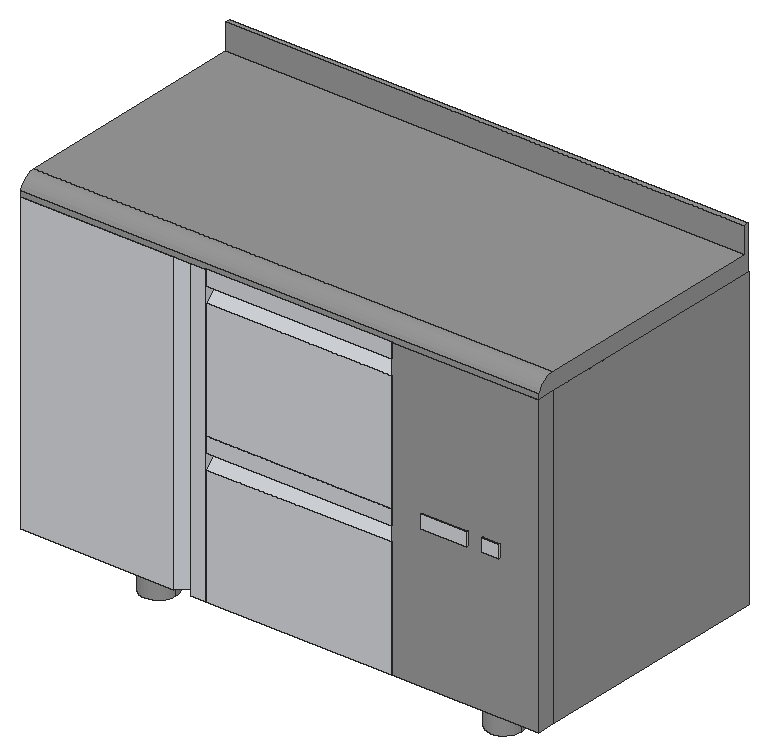
Revit family "Холодильные столы среднетемпературные", category Оборудование, Revit 2020
Family settings
  Размер круглого соединителя = Использовать диаметр
  Классификация = Нет
  Тип детали = Нормальный
  На основе рабочей плоскости = Нет
  Всегда вертикально = Да
  При загрузке вырезать с полостями = Нет
  Общий = Нет
  Точка расчета площади = Нет
Parameters (values of type "TM2-20-G")
  Шкаф выдв.двойной - 2 = no
  Шкаф выдв. тройной - 2 = no
  Шкаф выдв. тройной - 1 = no
  Шкаф выдв. двойной - 1 = yes
  Ширина = 1200 mm
  Число дверей = 2
  Цена, руб = "71 808"
  Холодильный стол = нержавеющая сталь
  Хладаген = "R134a"
  Условия окр. среды (темп/влажн) = "до +43/до 80"
  Тип охлаждения = "динамический"
  Тип оттайки = "авт. с системой исп. конденсата"
  Терморегулятор = "эл. блок"
  Температура окр. среды = "+12.....-43"
  Таблица поиска = "ТМ"
  Столешница квадр. = no
  Столешница закругл. = yes
  Степень защиты = "IP24"
  Размеры в упоковке, мм = "1310х715х1045"
  Отметка по умолчанию = 0 mm
  Объем, л = "270"
  Нижняя панель упр. = no
  Нижнее распол. Дверь -2 = no
  Нижнее распол Дверь -1 = no
  Напряжение питания = "230.00 В"
  Количество дверей = "2"
  Диап. рабочих темп. = "-2....+10"
  Дверь GC = no
  Дверь G-4 = no
  Дверь G-3 = no
  Дверь G-2 = yes
  Дверь G - 1 = no
  Двери 012-GC = no
  Глубина = 605 mm
  Габаритные размеры, мм = "1200х605х850/910"
  Высота = 850 mm
  Вес нетто/брутто, кг = "130/145"
  Боковая панель упр. = yes
Reference planes
  plane 1 "По центру (Вперед/Назад)": y = 0
  plane 2: z = 0
  plane 3 "По центру (Влево/Вправо)": x = 0
  plane 4: z = 850
  plane 5: y = -605
  plane 6: z = 910
  plane 7: z = 810
  plane 8: z = 120
  plane 9: y = -10
  plane 10: x = -600
  plane 11: x = 600
  plane 12: x = 260
  plane 13: y = -565
  plane 14: z = 465
  plane 15: x = 400
  plane 16: x = -400
  plane 17: y = -150
  plane 18: y = -455
  plane 19: x = -170
  plane 20: x = 260
  plane 21: x = -170
  plane 22: z = 350
  plane 23: z = 580
Forms (mm)
  Extrusion 1, solid, material "нержавеющая сталь" <- "Холодильный стол"
    sketch origin (0, 0, 0) x (0, 1, 0) y (0, 0, 1)
      loop
        line (0, 810) -> (-565, 810) -> (-565, 120) -> (0, 120) -> (0, 810)
    from -600 to 600
  Extrusion 2, solid, material "нержавеющая сталь" <- "Холодильный стол", visible <- "Боковая панель упр."
    sketch origin (0, 0, 0) x (1, 0, 0) y (0, 0, 1)
      loop
        line (260, 810) -> (260, 120) -> (600, 120) -> (600, 810) -> (260, 810)
    from 565 to 605
  Extrusion 3, solid, material "нержавеющая сталь" <- "Холодильный стол", visible <- "Дверь GC"
    sketch origin (0, 0, 0) x (1, 0, 0) y (0, 0, 1)
      loop
        line (260, 120) -> (260, 810) -> (-170, 810) -> (-170, 120) -> (260, 120)
    from 565 to 605
  Extrusion 4, solid, material "нержавеющая сталь" <- "Холодильный стол", visible <- "Дверь GC"
    sketch origin (-430, 0, 0) x (1, 0, 0) y (0, 0, 1)
      loop
        line (260, 120) -> (260, 810) -> (-170, 810) -> (-170, 120) -> (260, 120)
    from 565 to 605
  Extrusion 5, solid, material "нержавеющая сталь" <- "Холодильный стол"
    sketch origin (0, 0, 0) x (1, 0, 0) y (0, 1, 0)
      loop
        circle (-400, -150) r 40
    from 0 to 120
  Extrusion 6, solid, material "нержавеющая сталь" <- "Холодильный стол"
    sketch origin (0, 0, 0) x (1, 0, 0) y (0, 1, 0)
      loop
        circle (400, -150) r 40
    from 0 to 120
  Extrusion 7, solid, material "нержавеющая сталь" <- "Холодильный стол"
    sketch origin (0, 0, 0) x (1, 0, 0) y (0, 1, 0)
      loop
        circle (-400, -455) r 40
    from 0 to 120
  Extrusion 8, solid, material "нержавеющая сталь" <- "Холодильный стол"
    sketch origin (0, 0, 0) x (1, 0, 0) y (0, 1, 0)
      loop
        circle (400, -455) r 40
    from 0 to 120
  Extrusion 9, solid, visible <- "Боковая панель упр.", detail levels medium+fine
    sketch origin (2.568, 0, 10.164) x (1, 0, 0) y (0, 0, 1)
      loop
        line (467.432, 469.836) -> (467.432, 439.836) -> (507.432, 439.836) -> (507.432, 469.836) -> (467.432, 469.836)
    from 605 to 609.018
  Extrusion 10, solid, visible <- "Боковая панель упр.", detail levels medium+fine
    sketch origin (-107.632, 0, 15.164) x (1, 0, 0) y (0, 0, 1)
      loop
        line (437.632, 464.836) -> (437.632, 434.836) -> (542.632, 434.836) -> (542.632, 464.836) -> (437.632, 464.836)
    from 605 to 609.018
  Extrusion 11, void
    sketch origin (0, 0, 0) x (0, 1, 0) y (0, 0, 1)
      loop
        line (-605, 683.028) -> (-572.75, 731.403) -> (-572.75, 743.028) -> (-605, 743.028) -> (-605, 683.028)
    from -100.421 to 190.143
  Extrusion 12, void
    sketch origin (-430, 0, 0) x (0, 1, 0) y (0, 0, 1)
      loop
        line (-605, 683.028) -> (-572.75, 731.403) -> (-572.75, 743.028) -> (-605, 743.028) -> (-605, 683.028)
    from -100.421 to 190.143
  Extrusion 13, solid, material "нержавеющая сталь" <- "Холодильный стол", visible <- "Столешница квадр."
    sketch origin (0, 0, 0) x (0, 1, 0) y (0, 0, 1)
      loop
        line (-605, 810) -> (0, 810) -> (0, 910) -> (-10, 910) -> (-10, 850) -> (-605, 850) -> (-605, 810)
    from -600 to 600
  Extrusion 14, solid, visible <- "Дверь G - 1"
    sketch origin (430, 0, 0) x (1, 0, 0) y (0, 1, 0)
      loop
        line (-170, -565) -> (-600, -565) -> (-600, -605) -> (-564.749, -605) -> (-564.749, -595.251) -> (-584.749, -595.251) -> (-584.749, -580.251) -> (-549.749, -580.251) -> (-525, -605) -> (-170, -605) -> (-170, -565)
    from 120 to 810
  Extrusion 15, solid, material "нержавеющая сталь" <- "Холодильный стол", visible <- "Столешница закругл."
    sketch origin (0, 0, 0) x (0, 1, 0) y (0, 0, 1)
      loop
        line (-605, 810) -> (0, 810) -> (0, 910) -> (-10, 910) -> (-10, 850) -> (-565, 850)
        arc (-565, 850) -> (-589.273, 842.099) -> (-605, 821.992) r 43.733
        line (-605, 821.992) -> (-605, 810)
    from -600 to 600
  Extrusion 16, solid, visible <- "Дверь G-2"
    sketch origin (90, 0, 0) x (-1, 0, 0) y (0, -1, 0)
      loop
        line (690, 565) -> (690, 605) -> (335, 605) -> (310.251, 580.251) -> (275.251, 580.251) -> (275.251, 595.251) -> (295.251, 595.251) -> (295.251, 605) -> (260, 605) -> (260, 565) -> (690, 565)
    from 120 to 810
  Extrusion 17, solid, visible <- "Дверь G-4"
    sketch origin (-770, 0, 0) x (-1, 0, 0) y (0, -1, 0)
      loop
        line (-170, 565) -> (-170, 605) -> (-525, 605) -> (-549.749, 580.251) -> (-584.749, 580.251) -> (-584.749, 595.251) -> (-564.749, 595.251) -> (-564.749, 605) -> (-600, 605) -> (-600, 565) -> (-170, 565)
    from 120 to 810
  Extrusion 18, solid, visible <- "Дверь G-3"
    sketch origin (-430, 0, 0) x (1, 0, 0) y (0, 1, 0)
      loop
        line (690, -565) -> (260, -565) -> (260, -605) -> (295.251, -605) -> (295.251, -595.251) -> (275.251, -595.251) -> (275.251, -580.251) -> (310.251, -580.251) -> (335, -605) -> (690, -605) -> (690, -565)
    from 120 to 810
  Extrusion 19, solid, visible <- "Шкаф выдв. двойной - 1"
    sketch origin (0, 0, 0) x (0, 1, 0) y (0, 0, 1)
      loop
        line (-605, 465) -> (-565, 465) -> (-565, 810) -> (-605, 810) -> (-605, 775) -> (-590, 775) -> (-590, 795) -> (-580.251, 795) -> (-580.251, 765) -> (-605, 740.251) -> (-605, 465)
    from -170 to 260
  Extrusion 20, solid, visible <- "Шкаф выдв. двойной - 1"
    sketch origin (0, 0, -345) x (0, 1, 0) y (0, 0, 1)
      loop
        line (-605, 465) -> (-565, 465) -> (-565, 810) -> (-605, 810) -> (-605, 775) -> (-590, 775) -> (-590, 795) -> (-580.251, 795) -> (-580.251, 765) -> (-605, 740.251) -> (-605, 465)
    from -170 to 260
  Extrusion 21, solid, visible <- "Шкаф выдв.двойной - 2"
    sketch origin (-950, 0, 0) x (0, 1, 0) y (0, 0, 1)
      loop
        line (-605, 465) -> (-565, 465) -> (-565, 810) -> (-605, 810) -> (-605, 775) -> (-590, 775) -> (-590, 795) -> (-580.251, 795) -> (-580.251, 765) -> (-605, 740.251) -> (-605, 465)
    from 350 to 780
  Extrusion 22, solid, visible <- "Шкаф выдв.двойной - 2"
    sketch origin (-950, 0, -345) x (0, 1, 0) y (0, 0, 1)
      loop
        line (-605, 465) -> (-565, 465) -> (-565, 810) -> (-605, 810) -> (-605, 775) -> (-590, 775) -> (-590, 795) -> (-580.251, 795) -> (-580.251, 765) -> (-605, 740.251) -> (-605, 465)
    from 350 to 780
  Extrusion 23, solid, visible <- "Шкаф выдв.двойной - 2"
    sketch origin (-420, 0, 0) x (0, 1, 0) y (0, 0, 1)
      loop
        line (-605, 465) -> (-565, 465) -> (-565, 810) -> (-605, 810) -> (-605, 775) -> (-590, 775) -> (-590, 795) -> (-580.251, 795) -> (-580.251, 765) -> (-605, 740.251) -> (-605, 465)
    from 250 to 680
  Extrusion 24, solid, visible <- "Шкаф выдв.двойной - 2"
    sketch origin (-420, 0, -345) x (0, 1, 0) y (0, 0, 1)
      loop
        line (-605, 465) -> (-565, 465) -> (-565, 810) -> (-605, 810) -> (-605, 775) -> (-590, 775) -> (-590, 795) -> (-580.251, 795) -> (-580.251, 765) -> (-605, 740.251) -> (-605, 465)
    from 250 to 680
  Extrusion 25, solid, visible <- "Шкаф выдв. тройной - 1"
    sketch origin (-420, 0, 0) x (0, 1, 0) y (0, 0, 1)
      loop
        line (-605, 580) -> (-565, 580) -> (-565, 810) -> (-605, 810) -> (-605, 775) -> (-590, 775) -> (-590, 795) -> (-580.251, 795) -> (-580.251, 765) -> (-605, 740.251) -> (-605, 580)
    from 250 to 680
  Extrusion 26, solid, visible <- "Шкаф выдв. тройной - 1"
    sketch origin (-420, 0, -230) x (0, 1, 0) y (0, 0, 1)
      loop
        line (-605, 580) -> (-565, 580) -> (-565, 810) -> (-605, 810) -> (-605, 775) -> (-590, 775) -> (-590, 795) -> (-580.251, 795) -> (-580.251, 765) -> (-605, 740.251) -> (-605, 580)
    from 250 to 680
  Extrusion 27, solid, visible <- "Шкаф выдв. тройной - 1"
    sketch origin (-420, 0, -460) x (0, 1, 0) y (0, 0, 1)
      loop
        line (-605, 580) -> (-565, 580) -> (-565, 810) -> (-605, 810) -> (-605, 775) -> (-590, 775) -> (-590, 795) -> (-580.251, 795) -> (-580.251, 765) -> (-605, 740.251) -> (-605, 580)
    from 250 to 680
  Extrusion 28, solid, visible <- "Шкаф выдв. тройной - 2"
    sketch origin (-850, 0, 0) x (0, 1, 0) y (0, 0, 1)
      loop
        line (-605, 580) -> (-565, 580) -> (-565, 810) -> (-605, 810) -> (-605, 775) -> (-590, 775) -> (-590, 795) -> (-580.251, 795) -> (-580.251, 765) -> (-605, 740.251) -> (-605, 580)
    from 250 to 680
  Extrusion 29, solid, visible <- "Шкаф выдв. тройной - 2"
    sketch origin (-850, 0, -230) x (0, 1, 0) y (0, 0, 1)
      loop
        line (-605, 580) -> (-565, 580) -> (-565, 810) -> (-605, 810) -> (-605, 775) -> (-590, 775) -> (-590, 795) -> (-580.251, 795) -> (-580.251, 765) -> (-605, 740.251) -> (-605, 580)
    from 250 to 680
  Extrusion 30, solid, visible <- "Шкаф выдв. тройной - 2"
    sketch origin (-850, 0, -460) x (0, 1, 0) y (0, 0, 1)
      loop
        line (-605, 580) -> (-565, 580) -> (-565, 810) -> (-605, 810) -> (-605, 775) -> (-590, 775) -> (-590, 795) -> (-580.251, 795) -> (-580.251, 765) -> (-605, 740.251) -> (-605, 580)
    from 250 to 680
  Extrusion 31, solid, visible <- "Шкаф выдв. тройной - 2"
    sketch origin (-420, 0, 0) x (0, 1, 0) y (0, 0, 1)
      loop
        line (-605, 580) -> (-565, 580) -> (-565, 810) -> (-605, 810) -> (-605, 775) -> (-590, 775) -> (-590, 795) -> (-580.251, 795) -> (-580.251, 765) -> (-605, 740.251) -> (-605, 580)
    from 250 to 680
  Extrusion 32, solid, visible <- "Шкаф выдв. тройной - 2"
    sketch origin (-420, 0, -230) x (0, 1, 0) y (0, 0, 1)
      loop
        line (-605, 580) -> (-565, 580) -> (-565, 810) -> (-605, 810) -> (-605, 775) -> (-590, 775) -> (-590, 795) -> (-580.251, 795) -> (-580.251, 765) -> (-605, 740.251) -> (-605, 580)
    from 250 to 680
  Extrusion 33, solid, visible <- "Шкаф выдв. тройной - 2"
    sketch origin (-420, 0, -460) x (0, 1, 0) y (0, 0, 1)
      loop
        line (-605, 580) -> (-565, 580) -> (-565, 810) -> (-605, 810) -> (-605, 775) -> (-590, 775) -> (-590, 795) -> (-580.251, 795) -> (-580.251, 765) -> (-605, 740.251) -> (-605, 580)
    from 250 to 680
  Extrusion 34, solid, material "нержавеющая сталь" <- "Холодильный стол", visible <- "Двери 012-GC"
    sketch origin (-430, 0, -16.972) x (1, 0, 0) y (0, 0, 1)
      loop
        line (260, 136.972) -> (260, 826.972) -> (-170, 826.972) -> (-170, 136.972) -> (260, 136.972)
    from 565 to 605
  Extrusion 35, solid, material "нержавеющая сталь" <- "Холодильный стол", visible <- "Двери 012-GC"
    sketch origin (215, 0, -16.972) x (1, 0, 0) y (0, 0, 1)
      loop
        line (45, 596.972) -> (45, 826.972) -> (-385, 826.972) -> (-385, 596.972) -> (45, 596.972)
    from 565 to 605
  Extrusion 36, void
    sketch origin (-1395.143, 0, 0) x (0, 1, 0) y (0, 0, 1)
      loop
        line (-605, 683.028) -> (-572.75, 731.403) -> (-572.75, 743.028) -> (-605, 743.028) -> (-605, 683.028)
    from 1079.204 to 1370.143
  Extrusion 37, solid, material "нержавеющая сталь" <- "Холодильный стол", visible <- "Двери 012-GC"
    sketch origin (645, 0, -16.972) x (1, 0, 0) y (0, 0, 1)
      loop
        line (45, 481.972) -> (45, 826.972) -> (-385, 826.972) -> (-385, 481.972) -> (45, 481.972)
    from 565 to 605
  Extrusion 38, void
    sketch origin (-965.143, 0, 0) x (0, 1, 0) y (0, 0, 1)
      loop
        line (-605, 683.028) -> (-572.75, 731.403) -> (-572.75, 743.028) -> (-605, 743.028) -> (-605, 683.028)
    from 1079.204 to 1370.143
  Extrusion 39, solid, material "нержавеющая сталь" <- "Холодильный стол", visible <- "Двери 012-GC"
    sketch origin (645, 0, -361.972) x (1, 0, 0) y (0, 0, 1)
      loop
        line (45, 481.972) -> (45, 826.972) -> (-385, 826.972) -> (-385, 481.972) -> (45, 481.972)
    from 565 to 605
  Extrusion 40, void
    sketch origin (-965.143, 0, -345) x (0, 1, 0) y (0, 0, 1)
      loop
        line (-605, 683.028) -> (-572.75, 731.403) -> (-572.75, 743.028) -> (-605, 743.028) -> (-605, 683.028)
    from 1079.204 to 1370.143
  Extrusion 41, solid, material "нержавеющая сталь" <- "Холодильный стол", visible <- "Двери 012-GC"
    sketch origin (215, 0, -246.972) x (1, 0, 0) y (0, 0, 1)
      loop
        line (45, 366.972) -> (45, 826.972) -> (-385, 826.972) -> (-385, 366.972) -> (45, 366.972)
    from 565 to 605
  Extrusion 42, void
    sketch origin (-1395.143, 0, -230) x (0, 1, 0) y (0, 0, 1)
      loop
        line (-605, 683.028) -> (-572.75, 731.403) -> (-572.75, 743.028) -> (-605, 743.028) -> (-605, 683.028)
    from 1079.204 to 1370.143
  Extrusion 43, solid, visible <- "Нижнее распол Дверь -1"
    sketch origin (770, 0, 0) x (1, 0, 0) y (0, 1, 0)
      loop
        line (-170, -565) -> (-600, -565) -> (-600, -605) -> (-564.749, -605) -> (-564.749, -595.251) -> (-584.749, -595.251) -> (-584.749, -580.251) -> (-549.749, -580.251) -> (-525, -605) -> (-170, -605) -> (-170, -565)
    from 350 to 810
  Extrusion 44, solid, visible <- "Нижнее распол Дверь -1"
    sketch origin (-770, 0, 0) x (-1, 0, 0) y (0, -1, 0)
      loop
        line (-170, 565) -> (-170, 605) -> (-525, 605) -> (-549.749, 580.251) -> (-584.749, 580.251) -> (-584.749, 595.251) -> (-564.749, 595.251) -> (-564.749, 605) -> (-600, 605) -> (-600, 565) -> (-170, 565)
    from 350 to 810
  Extrusion 45, solid, visible <- "Нижнее распол Дверь -1"
    sketch origin (180, 0, 0) x (-1, 0, 0) y (0, -1, 0)
      loop
        line (480, 565) -> (480, 605) -> (125, 605) -> (100.251, 580.251) -> (65.251, 580.251) -> (65.251, 595.251) -> (85.251, 595.251) -> (85.251, 605) -> (50, 605) -> (50, 565) -> (480, 565)
    from 350 to 810
  Extrusion 46, solid, visible <- "Нижнее распол. Дверь -2"
    sketch origin (-180, 0, 0) x (1, 0, 0) y (0, 1, 0)
      loop
        line (480, -565) -> (50, -565) -> (50, -605) -> (85.251, -605) -> (85.251, -595.251) -> (65.251, -595.251) -> (65.251, -580.251) -> (100.251, -580.251) -> (125, -605) -> (480, -605) -> (480, -565)
    from 350 to 810
  Extrusion 47, solid, visible <- "Нижняя панель упр."
    sketch origin (0, -605, 0) x (1, 0, 0) y (0, 0, 1)
      loop
        line (-600, 350) -> (-600, 120) -> (600, 120) -> (600, 350) -> (-600, 350)
    from -40 to -24.749
  Extrusion 48, solid, visible <- "Нижняя панель упр."
    sketch origin (0, -605, -22.705) x (1, 0, 0) y (0, 0, 1)
      loop
        line (440, 200) -> (440, 180) -> (506.042, 180) -> (506.042, 200) -> (440, 200)
    from 0 to 4.018
  Extrusion 49, solid, visible <- "Нижняя панель упр."
    sketch origin (0, -605, -22.705) x (1, 0, 0) y (0, 0, 1)
      loop
        line (397.5, 200) -> (397.5, 180) -> (428.874, 180) -> (428.874, 200) -> (397.5, 200)
    from 0 to 4.018
Cuts and joins
  Extrusion 11 cuts Extrusion 3
  Extrusion 12 cuts Extrusion 4
  Extrusion 36, Extrusion 38, Extrusion 40, Extrusion 42 cuts Extrusion 34
  Extrusion 36, Extrusion 38, Extrusion 40, Extrusion 42 cuts Extrusion 35
  Extrusion 38 cuts Extrusion 37
  Extrusion 40 cuts Extrusion 39
  Extrusion 42 cuts Extrusion 41
Lines and regions (mm)
  model lines, visible <- "Боковая панель упр.", detail levels medium+fine
    curve 1: line (330, -605, 415) -> (330, -605, 165)
    curve 2: line (530, -605, 165) -> (530, -605, 415)
    curve 11: line (330, -605, 760) -> (330, -605, 510)
    curve 12: line (530, -605, 510) -> (530, -605, 760)
  model lines, visible <- "Боковая панель упр.", detail levels fine
    curve 3: line (360, -605, 445) -> (360, -605, 165)
    curve 4: line (372.5, -605, 415) -> (372.5, -605, 165)
    curve 5: line (402.5, -605, 415) -> (402.5, -605, 165)
    curve 6: line (415, -605, 415) -> (415, -605, 165)
    curve 7: line (445, -605, 415) -> (445, -605, 165)
    curve 8: line (457.5, -605, 415) -> (457.5, -605, 165)
    curve 9: line (487.5, -605, 415) -> (487.5, -605, 165)
    curve 10: line (500, -605, 415) -> (500, -605, 165)
    curve 13: line (360, -605, 760) -> (360, -605, 510)
    curve 14: line (372.5, -605, 760) -> (372.5, -605, 510)
    curve 15: line (402.5, -605, 760) -> (402.5, -605, 510)
    curve 16: line (415, -605, 760) -> (415, -605, 510)
    curve 17: line (445, -605, 760) -> (445, -605, 510)
    curve 18: line (457.5, -605, 760) -> (457.5, -605, 510)
    curve 19: line (487.5, -605, 760) -> (487.5, -605, 510)
    curve 20: line (500, -605, 760) -> (500, -605, 510)
    curve 24: line (330, -605, 760) -> (360, -605, 760)
    curve 25: line (372.5, -605, 760) -> (402.5, -605, 760)
    curve 26: line (415, -605, 760) -> (445, -605, 760)
    curve 27: line (457.5, -605, 760) -> (487.5, -605, 760)
    curve 28: line (500, -605, 760) -> (530, -605, 760)
    curve 29: line (330, -605, 750) -> (360, -605, 750)
    curve 30: line (372.5, -605, 750) -> (402.5, -605, 750)
    curve 31: line (415, -605, 750) -> (445, -605, 750)
    curve 32: line (457.5, -605, 750) -> (487.5, -605, 750)
    curve 33: line (500, -605, 750) -> (530, -605, 750)
    curve 34: line (330, -605, 740) -> (360, -605, 740)
    curve 35: line (372.5, -605, 740) -> (402.5, -605, 740)
    curve 36: line (415, -605, 740) -> (445, -605, 740)
    curve 37: line (457.5, -605, 740) -> (487.5, -605, 740)
    curve 38: line (500, -605, 740) -> (530, -605, 740)
    curve 39: line (330, -605, 730) -> (360, -605, 730)
    curve 40: line (372.5, -605, 730) -> (402.5, -605, 730)
    curve 41: line (415, -605, 730) -> (445, -605, 730)
    curve 42: line (457.5, -605, 730) -> (487.5, -605, 730)
    curve 43: line (500, -605, 730) -> (530, -605, 730)
    curve 44: line (330, -605, 720) -> (360, -605, 720)
    curve 45: line (372.5, -605, 720) -> (402.5, -605, 720)
    curve 46: line (415, -605, 720) -> (445, -605, 720)
    curve 47: line (457.5, -605, 720) -> (487.5, -605, 720)
    curve 48: line (500, -605, 720) -> (530, -605, 720)
    curve 49: line (330, -605, 710) -> (360, -605, 710)
    curve 50: line (372.5, -605, 710) -> (402.5, -605, 710)
    curve 51: line (415, -605, 710) -> (445, -605, 710)
    curve 52: line (457.5, -605, 710) -> (487.5, -605, 710)
    curve 53: line (500, -605, 710) -> (530, -605, 710)
    curve 54: line (330, -605, 700) -> (360, -605, 700)
    curve 55: line (372.5, -605, 700) -> (402.5, -605, 700)
    curve 56: line (415, -605, 700) -> (445, -605, 700)
    curve 57: line (457.5, -605, 700) -> (487.5, -605, 700)
    curve 58: line (500, -605, 700) -> (530, -605, 700)
    curve 59: line (330, -605, 690) -> (360, -605, 690)
    curve 60: line (372.5, -605, 690) -> (402.5, -605, 690)
    curve 61: line (415, -605, 690) -> (445, -605, 690)
    curve 62: line (457.5, -605, 690) -> (487.5, -605, 690)
    curve 63: line (500, -605, 690) -> (530, -605, 690)
    curve 64: line (330, -605, 680) -> (360, -605, 680)
    curve 65: line (372.5, -605, 680) -> (402.5, -605, 680)
    curve 66: line (415, -605, 680) -> (445, -605, 680)
    curve 67: line (457.5, -605, 680) -> (487.5, -605, 680)
    curve 68: line (500, -605, 680) -> (530, -605, 680)
    curve 69: line (330, -605, 670) -> (360, -605, 670)
    curve 70: line (372.5, -605, 670) -> (402.5, -605, 670)
    curve 71: line (415, -605, 670) -> (445, -605, 670)
    curve 72: line (457.5, -605, 670) -> (487.5, -605, 670)
    curve 73: line (500, -605, 670) -> (530, -605, 670)
    curve 74: line (330, -605, 660) -> (360, -605, 660)
    curve 75: line (372.5, -605, 660) -> (402.5, -605, 660)
    curve 76: line (415, -605, 660) -> (445, -605, 660)
    curve 77: line (457.5, -605, 660) -> (487.5, -605, 660)
    curve 78: line (500, -605, 660) -> (530, -605, 660)
    curve 79: line (330, -605, 650) -> (360, -605, 650)
    curve 80: line (372.5, -605, 650) -> (402.5, -605, 650)
    curve 81: line (415, -605, 650) -> (445, -605, 650)
    curve 82: line (457.5, -605, 650) -> (487.5, -605, 650)
    curve 83: line (500, -605, 650) -> (530, -605, 650)
    curve 84: line (330, -605, 640) -> (360, -605, 640)
    curve 85: line (372.5, -605, 640) -> (402.5, -605, 640)
    curve 86: line (415, -605, 640) -> (445, -605, 640)
    curve 87: line (457.5, -605, 640) -> (487.5, -605, 640)
    curve 88: line (500, -605, 640) -> (530, -605, 640)
    curve 89: line (330, -605, 630) -> (360, -605, 630)
    curve 90: line (372.5, -605, 630) -> (402.5, -605, 630)
    curve 91: line (415, -605, 630) -> (445, -605, 630)
    curve 92: line (457.5, -605, 630) -> (487.5, -605, 630)
    curve 93: line (500, -605, 630) -> (530, -605, 630)
    curve 94: line (330, -605, 620) -> (360, -605, 620)
    curve 95: line (372.5, -605, 620) -> (402.5, -605, 620)
    curve 96: line (415, -605, 620) -> (445, -605, 620)
    curve 97: line (457.5, -605, 620) -> (487.5, -605, 620)
    curve 98: line (500, -605, 620) -> (530, -605, 620)
    curve 99: line (330, -605, 610) -> (360, -605, 610)
    curve 100: line (372.5, -605, 610) -> (402.5, -605, 610)
    curve 101: line (415, -605, 610) -> (445, -605, 610)
    curve 102: line (457.5, -605, 610) -> (487.5, -605, 610)
    curve 103: line (500, -605, 610) -> (530, -605, 610)
    curve 104: line (330, -605, 600) -> (360, -605, 600)
    curve 105: line (372.5, -605, 600) -> (402.5, -605, 600)
    curve 106: line (415, -605, 600) -> (445, -605, 600)
    curve 107: line (457.5, -605, 600) -> (487.5, -605, 600)
    curve 108: line (500, -605, 600) -> (530, -605, 600)
    curve 109: line (330, -605, 590) -> (360, -605, 590)
    curve 110: line (372.5, -605, 590) -> (402.5, -605, 590)
    curve 111: line (415, -605, 590) -> (445, -605, 590)
    curve 112: line (457.5, -605, 590) -> (487.5, -605, 590)
    curve 113: line (500, -605, 590) -> (530, -605, 590)
    curve 114: line (330, -605, 580) -> (360, -605, 580)
    curve 115: line (372.5, -605, 580) -> (402.5, -605, 580)
    curve 116: line (415, -605, 580) -> (445, -605, 580)
    curve 117: line (457.5, -605, 580) -> (487.5, -605, 580)
    curve 118: line (500, -605, 580) -> (530, -605, 580)
    curve 119: line (330, -605, 570) -> (360, -605, 570)
    curve 120: line (372.5, -605, 570) -> (402.5, -605, 570)
    curve 121: line (415, -605, 570) -> (445, -605, 570)
    curve 122: line (457.5, -605, 570) -> (487.5, -605, 570)
    curve 123: line (500, -605, 570) -> (530, -605, 570)
    curve 124: line (330, -605, 560) -> (360, -605, 560)
    curve 125: line (372.5, -605, 560) -> (402.5, -605, 560)
    curve 126: line (415, -605, 560) -> (445, -605, 560)
    curve 127: line (457.5, -605, 560) -> (487.5, -605, 560)
    curve 128: line (500, -605, 560) -> (530, -605, 560)
    curve 129: line (330, -605, 550) -> (360, -605, 550)
    curve 130: line (372.5, -605, 550) -> (402.5, -605, 550)
    curve 131: line (415, -605, 550) -> (445, -605, 550)
    curve 132: line (457.5, -605, 550) -> (487.5, -605, 550)
    curve 133: line (500, -605, 550) -> (530, -605, 550)
    curve 134: line (330, -605, 540) -> (360, -605, 540)
    curve 135: line (372.5, -605, 540) -> (402.5, -605, 540)
    curve 136: line (415, -605, 540) -> (445, -605, 540)
    curve 137: line (457.5, -605, 540) -> (487.5, -605, 540)
    curve 138: line (500, -605, 540) -> (530, -605, 540)
    curve 139: line (330, -605, 530) -> (360, -605, 530)
    curve 140: line (372.5, -605, 530) -> (402.5, -605, 530)
    curve 141: line (415, -605, 530) -> (445, -605, 530)
    curve 142: line (457.5, -605, 530) -> (487.5, -605, 530)
    curve 143: line (500, -605, 530) -> (530, -605, 530)
    curve 144: line (330, -605, 520) -> (360, -605, 520)
    curve 145: line (372.5, -605, 520) -> (402.5, -605, 520)
    curve 146: line (415, -605, 520) -> (445, -605, 520)
    curve 147: line (457.5, -605, 520) -> (487.5, -605, 520)
    curve 148: line (500, -605, 520) -> (530, -605, 520)
    curve 149: line (330, -605, 510) -> (360, -605, 510)
    curve 150: line (372.5, -605, 510) -> (402.5, -605, 510)
    curve 151: line (415, -605, 510) -> (445, -605, 510)
    curve 152: line (457.5, -605, 510) -> (487.5, -605, 510)
    curve 153: line (500, -605, 510) -> (530, -605, 510)
    curve 154: line (330, -605, 415) -> (360, -605, 415)
    curve 155: line (372.5, -605, 415) -> (402.5, -605, 415)
    curve 156: line (415, -605, 415) -> (445, -605, 415)
    curve 157: line (457.5, -605, 415) -> (487.5, -605, 415)
    curve 158: line (500, -605, 415) -> (530, -605, 415)
    curve 159: line (330, -605, 405) -> (360, -605, 405)
    curve 160: line (372.5, -605, 405) -> (402.5, -605, 405)
    curve 161: line (415, -605, 405) -> (445, -605, 405)
    curve 162: line (457.5, -605, 405) -> (487.5, -605, 405)
    curve 163: line (500, -605, 405) -> (530, -605, 405)
    curve 164: line (330, -605, 395) -> (360, -605, 395)
    curve 165: line (372.5, -605, 395) -> (402.5, -605, 395)
    curve 166: line (415, -605, 395) -> (445, -605, 395)
    curve 167: line (457.5, -605, 395) -> (487.5, -605, 395)
    curve 168: line (500, -605, 395) -> (530, -605, 395)
    curve 169: line (330, -605, 385) -> (360, -605, 385)
    curve 170: line (372.5, -605, 385) -> (402.5, -605, 385)
    curve 171: line (415, -605, 385) -> (445, -605, 385)
    curve 172: line (457.5, -605, 385) -> (487.5, -605, 385)
    curve 173: line (500, -605, 385) -> (530, -605, 385)
    curve 174: line (330, -605, 375) -> (360, -605, 375)
    curve 175: line (372.5, -605, 375) -> (402.5, -605, 375)
    curve 176: line (415, -605, 375) -> (445, -605, 375)
    curve 177: line (457.5, -605, 375) -> (487.5, -605, 375)
    curve 178: line (500, -605, 375) -> (530, -605, 375)
    curve 179: line (330, -605, 365) -> (360, -605, 365)
    curve 180: line (372.5, -605, 365) -> (402.5, -605, 365)
    curve 181: line (415, -605, 365) -> (445, -605, 365)
    curve 182: line (457.5, -605, 365) -> (487.5, -605, 365)
    curve 183: line (500, -605, 365) -> (530, -605, 365)
    curve 184: line (330, -605, 355) -> (360, -605, 355)
    curve 185: line (372.5, -605, 355) -> (402.5, -605, 355)
    curve 186: line (415, -605, 355) -> (445, -605, 355)
    curve 187: line (457.5, -605, 355) -> (487.5, -605, 355)
    curve 188: line (500, -605, 355) -> (530, -605, 355)
    curve 189: line (330, -605, 345) -> (360, -605, 345)
    curve 190: line (372.5, -605, 345) -> (402.5, -605, 345)
    curve 191: line (415, -605, 345) -> (445, -605, 345)
    curve 192: line (457.5, -605, 345) -> (487.5, -605, 345)
    curve 193: line (500, -605, 345) -> (530, -605, 345)
    curve 194: line (330, -605, 335) -> (360, -605, 335)
    curve 195: line (372.5, -605, 335) -> (402.5, -605, 335)
    curve 196: line (415, -605, 335) -> (445, -605, 335)
    curve 197: line (457.5, -605, 335) -> (487.5, -605, 335)
    curve 198: line (500, -605, 335) -> (530, -605, 335)
    curve 199: line (330, -605, 325) -> (360, -605, 325)
    curve 200: line (372.5, -605, 325) -> (402.5, -605, 325)
    curve 201: line (415, -605, 325) -> (445, -605, 325)
    curve 202: line (457.5, -605, 325) -> (487.5, -605, 325)
    curve 203: line (500, -605, 325) -> (530, -605, 325)
    curve 204: line (330, -605, 315) -> (360, -605, 315)
    curve 205: line (372.5, -605, 315) -> (402.5, -605, 315)
    curve 206: line (415, -605, 315) -> (445, -605, 315)
    curve 207: line (457.5, -605, 315) -> (487.5, -605, 315)
    curve 208: line (500, -605, 315) -> (530, -605, 315)
    curve 209: line (330, -605, 305) -> (360, -605, 305)
    curve 210: line (372.5, -605, 305) -> (402.5, -605, 305)
    curve 211: line (415, -605, 305) -> (445, -605, 305)
    curve 212: line (457.5, -605, 305) -> (487.5, -605, 305)
    curve 213: line (500, -605, 305) -> (530, -605, 305)
    curve 214: line (330, -605, 295) -> (360, -605, 295)
    curve 215: line (372.5, -605, 295) -> (402.5, -605, 295)
    curve 216: line (415, -605, 295) -> (445, -605, 295)
    curve 217: line (457.5, -605, 295) -> (487.5, -605, 295)
    curve 218: line (500, -605, 295) -> (530, -605, 295)
    curve 219: line (330, -605, 285) -> (360, -605, 285)
    curve 220: line (372.5, -605, 285) -> (402.5, -605, 285)
    curve 221: line (415, -605, 285) -> (445, -605, 285)
    curve 222: line (457.5, -605, 285) -> (487.5, -605, 285)
    curve 223: line (500, -605, 285) -> (530, -605, 285)
    curve 224: line (330, -605, 275) -> (360, -605, 275)
    curve 225: line (372.5, -605, 275) -> (402.5, -605, 275)
    curve 226: line (415, -605, 275) -> (445, -605, 275)
    curve 227: line (457.5, -605, 275) -> (487.5, -605, 275)
    curve 228: line (500, -605, 275) -> (530, -605, 275)
    curve 229: line (330, -605, 265) -> (360, -605, 265)
    curve 230: line (372.5, -605, 265) -> (402.5, -605, 265)
    curve 231: line (415, -605, 265) -> (445, -605, 265)
    curve 232: line (457.5, -605, 265) -> (487.5, -605, 265)
    curve 233: line (500, -605, 265) -> (530, -605, 265)
    curve 234: line (330, -605, 255) -> (360, -605, 255)
    curve 235: line (372.5, -605, 255) -> (402.5, -605, 255)
    curve 236: line (415, -605, 255) -> (445, -605, 255)
    curve 237: line (457.5, -605, 255) -> (487.5, -605, 255)
    curve 238: line (500, -605, 255) -> (530, -605, 255)
    curve 239: line (330, -605, 245) -> (360, -605, 245)
    curve 240: line (372.5, -605, 245) -> (402.5, -605, 245)
    curve 241: line (415, -605, 245) -> (445, -605, 245)
    curve 242: line (457.5, -605, 245) -> (487.5, -605, 245)
    curve 243: line (500, -605, 245) -> (530, -605, 245)
    curve 244: line (330, -605, 235) -> (360, -605, 235)
    curve 245: line (372.5, -605, 235) -> (402.5, -605, 235)
    curve 246: line (415, -605, 235) -> (445, -605, 235)
    curve 247: line (457.5, -605, 235) -> (487.5, -605, 235)
    curve 248: line (500, -605, 235) -> (530, -605, 235)
    curve 249: line (330, -605, 225) -> (360, -605, 225)
    curve 250: line (372.5, -605, 225) -> (402.5, -605, 225)
    curve 251: line (415, -605, 225) -> (445, -605, 225)
    curve 252: line (457.5, -605, 225) -> (487.5, -605, 225)
    curve 253: line (500, -605, 225) -> (530, -605, 225)
    curve 254: line (330, -605, 215) -> (360, -605, 215)
    curve 255: line (372.5, -605, 215) -> (402.5, -605, 215)
    curve 256: line (415, -605, 215) -> (445, -605, 215)
    curve 257: line (457.5, -605, 215) -> (487.5, -605, 215)
    curve 258: line (500, -605, 215) -> (530, -605, 215)
    curve 259: line (330, -605, 205) -> (360, -605, 205)
    curve 260: line (372.5, -605, 205) -> (402.5, -605, 205)
    curve 261: line (415, -605, 205) -> (445, -605, 205)
    curve 262: line (457.5, -605, 205) -> (487.5, -605, 205)
    curve 263: line (500, -605, 205) -> (530, -605, 205)
    curve 264: line (330, -605, 195) -> (360, -605, 195)
    curve 265: line (372.5, -605, 195) -> (402.5, -605, 195)
    curve 266: line (415, -605, 195) -> (445, -605, 195)
    curve 267: line (457.5, -605, 195) -> (487.5, -605, 195)
    curve 268: line (500, -605, 195) -> (530, -605, 195)
    curve 269: line (330, -605, 185) -> (360, -605, 185)
    curve 270: line (372.5, -605, 185) -> (402.5, -605, 185)
    curve 271: line (415, -605, 185) -> (445, -605, 185)
    curve 272: line (457.5, -605, 185) -> (487.5, -605, 185)
    curve 273: line (500, -605, 185) -> (530, -605, 185)
    curve 274: line (330, -605, 175) -> (360, -605, 175)
    curve 275: line (372.5, -605, 175) -> (402.5, -605, 175)
    curve 276: line (415, -605, 175) -> (445, -605, 175)
    curve 277: line (457.5, -605, 175) -> (487.5, -605, 175)
    curve 278: line (500, -605, 175) -> (530, -605, 175)
    curve 279: line (330, -605, 165) -> (360, -605, 165)
    curve 280: line (372.5, -605, 165) -> (402.5, -605, 165)
    curve 281: line (415, -605, 165) -> (445, -605, 165)
    curve 282: line (457.5, -605, 165) -> (487.5, -605, 165)
    curve 283: line (500, -605, 165) -> (530, -605, 165)
    curve 285: line (330, -605, 510) -> (360, -605, 510)
  model lines, visible <- "Боковая панель упр.", detail levels medium
    curve 21: line (330, -605, 415) -> (530, -605, 415)
    curve 22: line (330, -605, 165) -> (530, -605, 165)
    curve 23: line (330, -605, 760) -> (530, -605, 760)
    curve 284: line (330, -605, 510) -> (530, -605, 510)
  model lines, visible <- "Нижняя панель упр.", detail levels fine
    curve 286: line (-202, -580.251, 330) -> (-172, -580.251, 330)
    curve 287: line (-159.5, -580.251, 330) -> (-129.5, -580.251, 330)
    curve 288: line (-117, -580.251, 330) -> (-87, -580.251, 330)
    curve 289: line (-74.5, -580.251, 330) -> (-44.5, -580.251, 330)
    curve 290: line (-32, -580.251, 330) -> (-2, -580.251, 330)
    curve 291: line (-187, -580.251, 320) -> (-157, -580.251, 320)
    curve 292: line (-144.5, -580.251, 320) -> (-114.5, -580.251, 320)
    curve 293: line (-102, -580.251, 320) -> (-72, -580.251, 320)
    curve 294: line (-59.5, -580.251, 320) -> (-29.5, -580.251, 320)
    curve 295: line (-17, -580.251, 320) -> (13, -580.251, 320)
    curve 296: line (-172, -580.251, 310) -> (-142, -580.251, 310)
    curve 297: line (-129.5, -580.251, 310) -> (-99.5, -580.251, 310)
    curve 298: line (-87, -580.251, 310) -> (-57, -580.251, 310)
    curve 299: line (-44.5, -580.251, 310) -> (-14.5, -580.251, 310)
    curve 300: line (-2, -580.251, 310) -> (28, -580.251, 310)
    curve 301: line (-187, -580.251, 300) -> (-157, -580.251, 300)
    curve 302: line (-144.5, -580.251, 300) -> (-114.5, -580.251, 300)
    curve 303: line (-102, -580.251, 300) -> (-72, -580.251, 300)
    curve 304: line (-59.5, -580.251, 300) -> (-29.5, -580.251, 300)
    curve 305: line (-17, -580.251, 300) -> (13, -580.251, 300)
    curve 306: line (-202, -580.251, 290) -> (-172, -580.251, 290)
    curve 307: line (-159.5, -580.251, 290) -> (-129.5, -580.251, 290)
    curve 308: line (-117, -580.251, 290) -> (-87, -580.251, 290)
    curve 309: line (-74.5, -580.251, 290) -> (-44.5, -580.251, 290)
    curve 310: line (-32, -580.251, 290) -> (-2, -580.251, 290)
    curve 311: line (-187, -580.251, 280) -> (-157, -580.251, 280)
    curve 312: line (-144.5, -580.251, 280) -> (-114.5, -580.251, 280)
    curve 313: line (-102, -580.251, 280) -> (-72, -580.251, 280)
    curve 314: line (-59.5, -580.251, 280) -> (-29.5, -580.251, 280)
    curve 315: line (-17, -580.251, 280) -> (13, -580.251, 280)
    curve 316: line (-172, -580.251, 270) -> (-142, -580.251, 270)
    curve 317: line (-129.5, -580.251, 270) -> (-99.5, -580.251, 270)
    curve 318: line (-87, -580.251, 270) -> (-57, -580.251, 270)
    curve 319: line (-44.5, -580.251, 270) -> (-14.5, -580.251, 270)
    curve 320: line (-2, -580.251, 270) -> (28, -580.251, 270)
    curve 321: line (-187, -580.251, 260) -> (-157, -580.251, 260)
    curve 322: line (-144.5, -580.251, 260) -> (-114.5, -580.251, 260)
    curve 323: line (-102, -580.251, 260) -> (-72, -580.251, 260)
    curve 324: line (-59.5, -580.251, 260) -> (-29.5, -580.251, 260)
    curve 325: line (-17, -580.251, 260) -> (13, -580.251, 260)
    curve 326: line (-202, -580.251, 250) -> (-172, -580.251, 250)
    curve 327: line (-159.5, -580.251, 250) -> (-129.5, -580.251, 250)
    curve 328: line (-117, -580.251, 250) -> (-87, -580.251, 250)
    curve 329: line (-74.5, -580.251, 250) -> (-44.5, -580.251, 250)
    curve 330: line (-32, -580.251, 250) -> (-2, -580.251, 250)
    curve 331: line (-187, -580.251, 240) -> (-157, -580.251, 240)
    curve 332: line (-144.5, -580.251, 240) -> (-114.5, -580.251, 240)
    curve 333: line (-102, -580.251, 240) -> (-72, -580.251, 240)
    curve 334: line (-59.5, -580.251, 240) -> (-29.5, -580.251, 240)
    curve 335: line (-17, -580.251, 240) -> (13, -580.251, 240)
    curve 336: line (-172, -580.251, 230) -> (-142, -580.251, 230)
    curve 337: line (-129.5, -580.251, 230) -> (-99.5, -580.251, 230)
    curve 338: line (-87, -580.251, 230) -> (-57, -580.251, 230)
    curve 339: line (-44.5, -580.251, 230) -> (-14.5, -580.251, 230)
    curve 340: line (-2, -580.251, 230) -> (28, -580.251, 230)
    curve 341: line (-187, -580.251, 220) -> (-157, -580.251, 220)
    curve 342: line (-144.5, -580.251, 220) -> (-114.5, -580.251, 220)
    curve 343: line (-102, -580.251, 220) -> (-72, -580.251, 220)
    curve 344: line (-59.5, -580.251, 220) -> (-29.5, -580.251, 220)
    curve 345: line (-17, -580.251, 220) -> (13, -580.251, 220)
    curve 346: line (-202, -580.251, 210) -> (-172, -580.251, 210)
    curve 347: line (-159.5, -580.251, 210) -> (-129.5, -580.251, 210)
    curve 348: line (-117, -580.251, 210) -> (-87, -580.251, 210)
    curve 349: line (-74.5, -580.251, 210) -> (-44.5, -580.251, 210)
    curve 350: line (-32, -580.251, 210) -> (-2, -580.251, 210)
    curve 351: line (-187, -580.251, 200) -> (-157, -580.251, 200)
    curve 352: line (-144.5, -580.251, 200) -> (-114.5, -580.251, 200)
    curve 353: line (-102, -580.251, 200) -> (-72, -580.251, 200)
    curve 354: line (-59.5, -580.251, 200) -> (-29.5, -580.251, 200)
    curve 355: line (-17, -580.251, 200) -> (13, -580.251, 200)
    curve 356: line (-172, -580.251, 190) -> (-142, -580.251, 190)
    curve 357: line (-129.5, -580.251, 190) -> (-99.5, -580.251, 190)
    curve 358: line (-87, -580.251, 190) -> (-57, -580.251, 190)
    curve 359: line (-44.5, -580.251, 190) -> (-14.5, -580.251, 190)
    curve 360: line (-2, -580.251, 190) -> (28, -580.251, 190)
    curve 361: line (-187, -580.251, 180) -> (-157, -580.251, 180)
    curve 362: line (-144.5, -580.251, 180) -> (-114.5, -580.251, 180)
    curve 363: line (-102, -580.251, 180) -> (-72, -580.251, 180)
    curve 364: line (-59.5, -580.251, 180) -> (-29.5, -580.251, 180)
    curve 365: line (-17, -580.251, 180) -> (13, -580.251, 180)
    curve 366: line (-202, -580.251, 170) -> (-172, -580.251, 170)
    curve 367: line (-159.5, -580.251, 170) -> (-129.5, -580.251, 170)
    curve 368: line (-117, -580.251, 170) -> (-87, -580.251, 170)
    curve 369: line (-74.5, -580.251, 170) -> (-44.5, -580.251, 170)
    curve 370: line (-32, -580.251, 170) -> (-2, -580.251, 170)
    curve 371: line (-187, -580.251, 160) -> (-157, -580.251, 160)
    curve 372: line (-144.5, -580.251, 160) -> (-114.5, -580.251, 160)
    curve 373: line (-102, -580.251, 160) -> (-72, -580.251, 160)
    curve 374: line (-59.5, -580.251, 160) -> (-29.5, -580.251, 160)
    curve 375: line (-17, -580.251, 160) -> (13, -580.251, 160)
    curve 376: line (-172, -580.251, 150) -> (-142, -580.251, 150)
    curve 377: line (-129.5, -580.251, 150) -> (-99.5, -580.251, 150)
    curve 378: line (-87, -580.251, 150) -> (-57, -580.251, 150)
    curve 379: line (-44.5, -580.251, 150) -> (-14.5, -580.251, 150)
    curve 380: line (-2, -580.251, 150) -> (28, -580.251, 150)
    curve 381: line (-187, -580.251, 140) -> (-157, -580.251, 140)
    curve 382: line (-144.5, -580.251, 140) -> (-114.5, -580.251, 140)
    curve 383: line (-102, -580.251, 140) -> (-72, -580.251, 140)
    curve 384: line (-59.5, -580.251, 140) -> (-29.5, -580.251, 140)
    curve 385: line (-17, -580.251, 140) -> (13, -580.251, 140)
    curve 390: line (-245, -580.251, 330) -> (-215, -580.251, 330)
    curve 391: line (-230, -580.251, 320) -> (-200, -580.251, 320)
    curve 392: line (-215, -580.251, 310) -> (-185, -580.251, 310)
    curve 393: line (-230, -580.251, 300) -> (-200, -580.251, 300)
    curve 394: line (-245, -580.251, 290) -> (-215, -580.251, 290)
    curve 395: line (-230, -580.251, 280) -> (-200, -580.251, 280)
    curve 396: line (-215, -580.251, 270) -> (-185, -580.251, 270)
    curve 397: line (-230, -580.251, 260) -> (-200, -580.251, 260)
    curve 398: line (-245, -580.251, 250) -> (-215, -580.251, 250)
    curve 399: line (-230, -580.251, 240) -> (-200, -580.251, 240)
    curve 400: line (-215, -580.251, 230) -> (-185, -580.251, 230)
    curve 401: line (-230, -580.251, 220) -> (-200, -580.251, 220)
    curve 402: line (-245, -580.251, 210) -> (-215, -580.251, 210)
    curve 403: line (-230, -580.251, 200) -> (-200, -580.251, 200)
    curve 404: line (-215, -580.251, 190) -> (-185, -580.251, 190)
    curve 405: line (-230, -580.251, 180) -> (-200, -580.251, 180)
    curve 406: line (-245, -580.251, 170) -> (-215, -580.251, 170)
    curve 407: line (-230, -580.251, 160) -> (-200, -580.251, 160)
    curve 408: line (-215, -580.251, 150) -> (-185, -580.251, 150)
    curve 409: line (-230, -580.251, 140) -> (-200, -580.251, 140)
    curve 410: line (303.251, -580.251, 330) -> (333.251, -580.251, 330)
    curve 411: line (345.751, -580.251, 330) -> (375.751, -580.251, 330)
    curve 412: line (388.251, -580.251, 330) -> (418.251, -580.251, 330)
    curve 413: line (430.751, -580.251, 330) -> (460.751, -580.251, 330)
    curve 414: line (473.251, -580.251, 330) -> (503.251, -580.251, 330)
    curve 415: line (318.251, -580.251, 320) -> (348.251, -580.251, 320)
    curve 416: line (360.751, -580.251, 320) -> (390.751, -580.251, 320)
    curve 417: line (403.251, -580.251, 320) -> (433.251, -580.251, 320)
    curve 418: line (445.751, -580.251, 320) -> (475.751, -580.251, 320)
    curve 419: line (488.251, -580.251, 320) -> (518.251, -580.251, 320)
    curve 420: line (333.251, -580.251, 310) -> (363.251, -580.251, 310)
    curve 421: line (375.751, -580.251, 310) -> (405.751, -580.251, 310)
    curve 422: line (418.251, -580.251, 310) -> (448.251, -580.251, 310)
    curve 423: line (460.751, -580.251, 310) -> (490.751, -580.251, 310)
    curve 424: line (503.251, -580.251, 310) -> (533.251, -580.251, 310)
    curve 425: line (318.251, -580.251, 300) -> (348.251, -580.251, 300)
    curve 426: line (360.751, -580.251, 300) -> (390.751, -580.251, 300)
    curve 427: line (403.251, -580.251, 300) -> (433.251, -580.251, 300)
    curve 428: line (445.751, -580.251, 300) -> (475.751, -580.251, 300)
    curve 429: line (488.251, -580.251, 300) -> (518.251, -580.251, 300)
    curve 430: line (303.251, -580.251, 290) -> (333.251, -580.251, 290)
    curve 431: line (345.751, -580.251, 290) -> (375.751, -580.251, 290)
    curve 432: line (388.251, -580.251, 290) -> (418.251, -580.251, 290)
    curve 433: line (430.751, -580.251, 290) -> (460.751, -580.251, 290)
    curve 434: line (473.251, -580.251, 290) -> (503.251, -580.251, 290)
    curve 435: line (318.251, -580.251, 280) -> (348.251, -580.251, 280)
    curve 436: line (360.751, -580.251, 280) -> (390.751, -580.251, 280)
    curve 437: line (403.251, -580.251, 280) -> (433.251, -580.251, 280)
    curve 438: line (445.751, -580.251, 280) -> (475.751, -580.251, 280)
    curve 439: line (488.251, -580.251, 280) -> (518.251, -580.251, 280)
    curve 440: line (333.251, -580.251, 270) -> (363.251, -580.251, 270)
    curve 441: line (375.751, -580.251, 270) -> (405.751, -580.251, 270)
    curve 442: line (418.251, -580.251, 270) -> (448.251, -580.251, 270)
    curve 443: line (460.751, -580.251, 270) -> (490.751, -580.251, 270)
    curve 444: line (503.251, -580.251, 270) -> (533.251, -580.251, 270)
    curve 445: line (318.251, -580.251, 260) -> (348.251, -580.251, 260)
    curve 446: line (360.751, -580.251, 260) -> (390.751, -580.251, 260)
    curve 447: line (403.251, -580.251, 260) -> (433.251, -580.251, 260)
    curve 448: line (445.751, -580.251, 260) -> (475.751, -580.251, 260)
    curve 449: line (488.251, -580.251, 260) -> (518.251, -580.251, 260)
    curve 450: line (303.251, -580.251, 250) -> (333.251, -580.251, 250)
    curve 451: line (345.751, -580.251, 250) -> (375.751, -580.251, 250)
    curve 452: line (388.251, -580.251, 250) -> (418.251, -580.251, 250)
    curve 453: line (430.751, -580.251, 250) -> (460.751, -580.251, 250)
    curve 454: line (473.251, -580.251, 250) -> (503.251, -580.251, 250)
    curve 455: line (318.251, -580.251, 240) -> (348.251, -580.251, 240)
    curve 456: line (360.751, -580.251, 240) -> (390.751, -580.251, 240)
    curve 457: line (403.251, -580.251, 240) -> (433.251, -580.251, 240)
    curve 458: line (445.751, -580.251, 240) -> (475.751, -580.251, 240)
    curve 459: line (488.251, -580.251, 240) -> (518.251, -580.251, 240)
    curve 460: line (333.251, -580.251, 230) -> (363.251, -580.251, 230)
    curve 461: line (375.751, -580.251, 230) -> (405.751, -580.251, 230)
    curve 462: line (418.251, -580.251, 230) -> (448.251, -580.251, 230)
    curve 463: line (460.751, -580.251, 230) -> (490.751, -580.251, 230)
    curve 464: line (503.251, -580.251, 230) -> (533.251, -580.251, 230)
    curve 465: line (318.251, -580.251, 220) -> (348.251, -580.251, 220)
    curve 466: line (360.751, -580.251, 220) -> (390.751, -580.251, 220)
    curve 467: line (403.251, -580.251, 220) -> (433.251, -580.251, 220)
    curve 468: line (445.751, -580.251, 220) -> (475.751, -580.251, 220)
    curve 469: line (488.251, -580.251, 220) -> (518.251, -580.251, 220)
    curve 470: line (303.251, -580.251, 210) -> (333.251, -580.251, 210)
    curve 471: line (345.751, -580.251, 210) -> (375.751, -580.251, 210)
    curve 472: line (388.251, -580.251, 210) -> (418.251, -580.251, 210)
    curve 473: line (430.751, -580.251, 210) -> (460.751, -580.251, 210)
    curve 474: line (473.251, -580.251, 210) -> (503.251, -580.251, 210)
    curve 475: line (318.251, -580.251, 200) -> (348.251, -580.251, 200)
    curve 476: line (360.751, -580.251, 200) -> (390.751, -580.251, 200)
    curve 477: line (403.251, -580.251, 200) -> (433.251, -580.251, 200)
    curve 478: line (445.751, -580.251, 200) -> (475.751, -580.251, 200)
    curve 479: line (488.251, -580.251, 200) -> (518.251, -580.251, 200)
    curve 480: line (333.251, -580.251, 190) -> (363.251, -580.251, 190)
    curve 481: line (375.751, -580.251, 190) -> (405.751, -580.251, 190)
    curve 482: line (418.251, -580.251, 190) -> (448.251, -580.251, 190)
    curve 483: line (460.751, -580.251, 190) -> (490.751, -580.251, 190)
    curve 484: line (503.251, -580.251, 190) -> (533.251, -580.251, 190)
    curve 485: line (318.251, -580.251, 180) -> (348.251, -580.251, 180)
    curve 486: line (360.751, -580.251, 180) -> (390.751, -580.251, 180)
    curve 487: line (403.251, -580.251, 180) -> (433.251, -580.251, 180)
    curve 488: line (445.751, -580.251, 180) -> (475.751, -580.251, 180)
    curve 489: line (488.251, -580.251, 180) -> (518.251, -580.251, 180)
    curve 490: line (303.251, -580.251, 170) -> (333.251, -580.251, 170)
    curve 491: line (345.751, -580.251, 170) -> (375.751, -580.251, 170)
    curve 492: line (388.251, -580.251, 170) -> (418.251, -580.251, 170)
    curve 493: line (430.751, -580.251, 170) -> (460.751, -580.251, 170)
    curve 494: line (473.251, -580.251, 170) -> (503.251, -580.251, 170)
    curve 495: line (318.251, -580.251, 160) -> (348.251, -580.251, 160)
    curve 496: line (360.751, -580.251, 160) -> (390.751, -580.251, 160)
    curve 497: line (403.251, -580.251, 160) -> (433.251, -580.251, 160)
    curve 498: line (445.751, -580.251, 160) -> (475.751, -580.251, 160)
    curve 499: line (488.251, -580.251, 160) -> (518.251, -580.251, 160)
    curve 500: line (333.251, -580.251, 150) -> (363.251, -580.251, 150)
    curve 501: line (375.751, -580.251, 150) -> (405.751, -580.251, 150)
    curve 502: line (418.251, -580.251, 150) -> (448.251, -580.251, 150)
    curve 503: line (460.751, -580.251, 150) -> (490.751, -580.251, 150)
    curve 504: line (503.251, -580.251, 150) -> (533.251, -580.251, 150)
    curve 505: line (318.251, -580.251, 140) -> (348.251, -580.251, 140)
    curve 506: line (360.751, -580.251, 140) -> (390.751, -580.251, 140)
    curve 507: line (403.251, -580.251, 140) -> (433.251, -580.251, 140)
    curve 508: line (445.751, -580.251, 140) -> (475.751, -580.251, 140)
    curve 509: line (488.251, -580.251, 140) -> (518.251, -580.251, 140)
    curve 514: line (260.251, -580.251, 330) -> (290.251, -580.251, 330)
    curve 515: line (275.251, -580.251, 320) -> (305.251, -580.251, 320)
    curve 516: line (290.251, -580.251, 310) -> (320.251, -580.251, 310)
    curve 517: line (275.251, -580.251, 300) -> (305.251, -580.251, 300)
    curve 518: line (260.251, -580.251, 290) -> (290.251, -580.251, 290)
    curve 519: line (275.251, -580.251, 280) -> (305.251, -580.251, 280)
    curve 520: line (290.251, -580.251, 270) -> (320.251, -580.251, 270)
    curve 521: line (275.251, -580.251, 260) -> (305.251, -580.251, 260)
    curve 522: line (260.251, -580.251, 250) -> (290.251, -580.251, 250)
    curve 523: line (275.251, -580.251, 240) -> (305.251, -580.251, 240)
    curve 524: line (290.251, -580.251, 230) -> (320.251, -580.251, 230)
    curve 525: line (275.251, -580.251, 220) -> (305.251, -580.251, 220)
    curve 526: line (260.251, -580.251, 210) -> (290.251, -580.251, 210)
    curve 527: line (275.251, -580.251, 200) -> (305.251, -580.251, 200)
    curve 528: line (290.251, -580.251, 190) -> (320.251, -580.251, 190)
    curve 529: line (275.251, -580.251, 180) -> (305.251, -580.251, 180)
    curve 530: line (260.251, -580.251, 170) -> (290.251, -580.251, 170)
    curve 531: line (275.251, -580.251, 160) -> (305.251, -580.251, 160)
    curve 532: line (290.251, -580.251, 150) -> (320.251, -580.251, 150)
    curve 533: line (275.251, -580.251, 140) -> (305.251, -580.251, 140)
  model lines, visible <- "Нижняя панель упр.", detail levels medium
    curve 386: line (-245, -580.251, 330) -> (28, -580.251, 330)
    curve 387: line (-245, -580.251, 140) -> (-245, -580.251, 330)
    curve 388: line (28, -580.251, 140) -> (-245, -580.251, 140)
    curve 389: line (28, -580.251, 330) -> (28, -580.251, 140)
    curve 510: line (260.251, -580.251, 330) -> (533.251, -580.251, 330)
    curve 511: line (260.251, -580.251, 140) -> (260.251, -580.251, 330)
    curve 512: line (533.251, -580.251, 140) -> (260.251, -580.251, 140)
    curve 513: line (533.251, -580.251, 330) -> (533.251, -580.251, 140)
Dimensions and locks
  "Высота": plane 4 to plane 2
  locked: plane 6 to plane 4 at 60
  "Глубина": plane 1 "По центру (Вперед/Назад)" to plane 5
  locked: plane 4 to plane 7 at 40
  locked: plane 8 to plane 2 at 120
  locked: plane 1 "По центру (Вперед/Назад)" to plane 9 at 10
  equal spacing: plane 11, plane 3 "По центру (Влево/Вправо)", plane 10
  "Ширина": plane 11 to plane 10
  locked: plane 11 to plane 12 at 340
  plane 5 to plane 13 = 40 mm
  locked: Extrusion 3 to plane 12 at 430
  group 2 to group 1 = 430 mm
  group 1 to group 2 = 0 mm  (x2)
  equal spacing: plane 7, plane 14, plane 8
  locked: plane 16 to plane 10 at 200
  locked: plane 11 to plane 15 at 200
  locked: plane 5 to plane 18 at 150
  locked: plane 17 to plane 1 "По центру (Вперед/Назад)" at 150
  locked: Extrusion 9 to Extrusion 9 at 4.018
  locked: Extrusion 2 to Extrusion 9 at 90
  locked: Extrusion 10 to Extrusion 10 at 4.018
  Extrusion 10 to Extrusion 10 = 105 mm
  Extrusion 10 to plane 14 to Extrusion 10 = 15 mm, 15 mm
  cut or joined group of Extrusion 4, Extrusion 12 to cut or joined group of Extrusion 3, Extrusion 11 to cut or joined group of Extrusion 3, Extrusion 11 to cut or joined group of Extrusion 3, Extrusion 11 = 69.579 mm, 290.564 mm, 69.857 mm
  locked: Extrusion 14 to Extrusion 14 at 40
  locked: Extrusion 14 to Extrusion 14 at 35.251
  locked: plane 19 to plane 12 at 430
  locked: plane 21 to plane 10 at 430
  locked: plane 20 to plane 21 at 430
  locked: Extrusion 14 to Extrusion 14 at 430
  locked: Extrusion 16 to Extrusion 16 at 40
  locked: Extrusion 16 to Extrusion 16 at 35.251
  locked: Extrusion 16 to Extrusion 16 at 430
  locked: Extrusion 17 to Extrusion 17 at 40
  locked: Extrusion 17 to Extrusion 17 at 35.251
  locked: Extrusion 17 to Extrusion 17 at 430
  locked: Extrusion 18 to Extrusion 18 at 40
  locked: Extrusion 18 to Extrusion 18 at 35.251
  locked: Extrusion 18 to Extrusion 18 at 430
  locked: Extrusion 19 to Extrusion 19 at 430
  locked: Extrusion 20 to Extrusion 20 at 430
  locked: Extrusion 21 to Extrusion 21 at 430
  locked: Extrusion 22 to Extrusion 22 at 430
  locked: Extrusion 23 to Extrusion 23 at 430
  locked: Extrusion 24 to Extrusion 24 at 430
  plane 7 to plane 23 to plane 22 to plane 8 = 230 mm, 230 mm, 230 mm
  Extrusion 25 to Extrusion 25 = 430 mm
  locked: Extrusion 26 to Extrusion 26 at 430
  locked: Extrusion 27 to Extrusion 27 at 430
  locked: Extrusion 28 to Extrusion 28 at 430
  locked: Extrusion 29 to Extrusion 29 at 430
  locked: Extrusion 30 to Extrusion 30 at 430
  locked: Extrusion 25 to Extrusion 25 at 430
  locked: Extrusion 31 to Extrusion 31 at 430
  locked: Extrusion 32 to Extrusion 32 at 430
  locked: Extrusion 33 to Extrusion 33 at 430
  locked: Extrusion 43 to Extrusion 43 at 40
  locked: Extrusion 43 to Extrusion 43 at 35.251
  locked: Extrusion 43 to Extrusion 43 at 430
  locked: Extrusion 44 to Extrusion 44 at 40
  locked: Extrusion 44 to Extrusion 44 at 35.251
  locked: Extrusion 44 to Extrusion 44 at 430
  locked: Extrusion 45 to Extrusion 45 at 40
  locked: Extrusion 45 to Extrusion 45 at 35.251
  locked: Extrusion 45 to Extrusion 45 at 430
  locked: Extrusion 43 to Extrusion 45 at 40
  locked: Extrusion 46 to Extrusion 46 at 40
  locked: Extrusion 46 to Extrusion 46 at 35.251
  locked: Extrusion 46 to Extrusion 46 at 430
  locked: Extrusion 47 to Extrusion 47 at 15.251
  locked: Extrusion 48 to Extrusion 48 at 66.042
  locked: plane 11 to Extrusion 48 at 93.958
  Extrusion 49 to Extrusion 49 to Extrusion 48 = 31.374 mm locked, 11.126 mm locked
  locked: Extrusion 49 to plane 8 at 37.295
  locked: cut or joined group of Extrusion 37, Extrusion 38 to cut or joined group of Extrusion 37, Extrusion 38 at 430
  Extrusion 47 to curve 513 = 66.749 mm
  locked: curve 513 to plane 11 at 66.749
  locked: plane 11 to curve 389 at 572
  radius of Extrusion 5 sketch curve = 40 mm
  radius of Extrusion 7 sketch curve = 40 mm
  aligned and locked: level to plane 2
  aligned and locked: plane 1 "По центру (Вперед/Назад)" to Extrusion 1 sketch curve
  aligned and locked: plane 8 to Extrusion 1 sketch curve
  aligned and locked: Extrusion 1 to plane 10
  aligned and locked: plane 11 to Extrusion 1
  aligned and locked: Extrusion 2 sketch curve to plane 7
  aligned and locked: plane 12 to Extrusion 2 sketch curve
  aligned and locked: plane 5 to Extrusion 2
  aligned and locked: plane 13 to Extrusion 2
  aligned and locked: Extrusion 1 sketch curve to plane 7
  aligned and locked: plane 13 to Extrusion 1 sketch curve
  aligned and locked: plane 5 to Extrusion 3
  aligned and locked: plane 13 to Extrusion 3
  aligned and locked: Extrusion 4 to Extrusion 3
  aligned and locked: plane 13 to Extrusion 4
  aligned and locked: plane 7 to Extrusion 4
  aligned and locked: plane 7 to Extrusion 3
  aligned and locked: Extrusion 5 to level
  aligned and locked: plane 8 to Extrusion 5
  aligned and locked: Extrusion 6 to level
  aligned and locked: plane 8 to Extrusion 6
  aligned and locked: Extrusion 7 to level
  aligned and locked: plane 8 to Extrusion 7
  aligned and locked: Extrusion 8 to level
  aligned and locked: plane 8 to Extrusion 8
  aligned and locked: Extrusion 9 to plane 5
  aligned and locked: Extrusion 2 to Extrusion 1
  aligned and locked: plane 5 to Extrusion 9
  aligned and locked: Extrusion 10 to plane 5
  aligned and locked: Extrusion 3 to plane 8
  aligned and locked: Extrusion 13 sketch curve to plane 5
  aligned and locked: plane 7 to Extrusion 13 sketch curve
  aligned and locked: plane 1 "По центру (Вперед/Назад)" to Extrusion 13 sketch curve
  aligned and locked: Extrusion 13 sketch curve to plane 4
  aligned and locked: Extrusion 13 to Extrusion 1  (x2)
  aligned and locked: plane 7 to Extrusion 14
  aligned and locked: Extrusion 14 to plane 8
  aligned and locked: plane 12 to Extrusion 14
  aligned and locked: plane 19 to Extrusion 14
  aligned and locked: Extrusion 15 to plane 1 "По центру (Вперед/Назад)"
  aligned and locked: plane 5 to Extrusion 15
  aligned and locked: plane 4 to Extrusion 15
  aligned and locked: Extrusion 15 to plane 7
  aligned and locked: Extrusion 15 to plane 10
  aligned and locked: plane 11 to Extrusion 15
  aligned and locked: plane 19 to Extrusion 16
  aligned and locked: plane 12 to Extrusion 19
  aligned and locked: Extrusion 21 to plane 10
  aligned and locked: Extrusion 20 to Extrusion 19
  aligned and locked: Extrusion 21 to Extrusion 22
  aligned and locked: Extrusion 23 to Extrusion 21
  aligned and locked: Extrusion 23 to Extrusion 24
  aligned and locked: Extrusion 25 to Extrusion 27
  aligned and locked: Extrusion 28 to plane 10
  aligned and locked: Extrusion 28 to Extrusion 29
  aligned and locked: Extrusion 28 to Extrusion 30
  aligned and locked: plane 12 to Extrusion 25
  aligned and locked: Extrusion 25 to Extrusion 26
  aligned and locked: Extrusion 26 to Extrusion 25
  aligned and locked: Extrusion 27 to Extrusion 25
